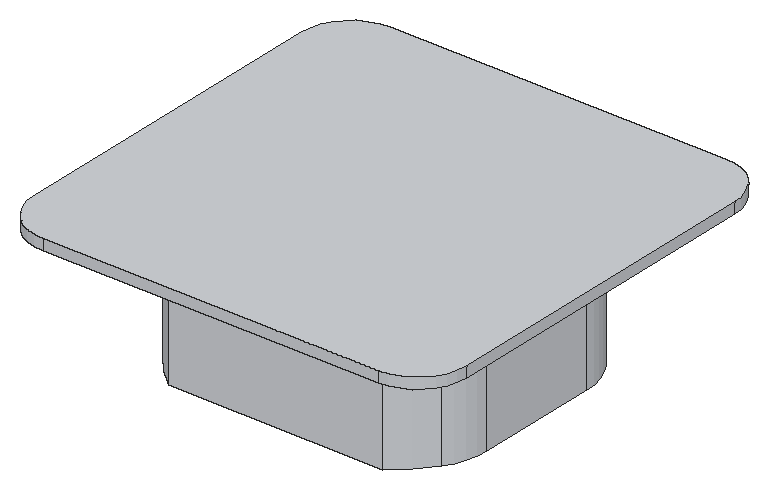
Revit family "Gira_010200", category Electrical Fixtures, host Face, Revit 2017
Family settings
  Host = Face
  Maintain Annotation Orientation = Yes
  Round Connector Dimension = Use Diameter
  Part Type = Normal
  Cut with Voids When Loaded = No
  Shared = No
  Room Calculation Point = No
Parameters (values of type "Wippschalter Aus 2-p Einsatz")
  Zusammenstellung = "Basiselement"
  Werkstoffgüte = "sonstige"
  Werkstoff = "sonstige"
  Waschmaschinenschalter = "No"
  URL = "http://katalog.gira.de/de_DE/datenblatt.html?artikelnr=010200"
  Textfeld/Beschriftungsfläche = "nein"
  Tastschalter = "No"
  Schaltungsart = "Schalter 2-polig"
  Rückmeldekontakt = "No"
  Region = "DE"
  Oberfläche = "sonstige"
  Nennspannung = "250 Volt"
  Name = "Wippschalter Aus 2-p Einsatz"
  Montageart = "unter Putz"
  Mit Montageplatte = "No"
  Manufacturer URL = "https://www.gira.de/"
  Keynote = "Einsatz_1fach"
  HeinzeBIM = "https://bimportal.heinze.de/bim/wippschalter-aus-2-p-einsatz/037ce238fd14809475147a22dc5c25758778b9b0"
  Halogenfrei = "No"
  HAN = "010200"
  Geeignet für Schutzart (IP) = "IP20"
  GTIN = "4010337102007"
  Farbe = "sonstige"
  Default Elevation = 1219.2 mm
  Data sheet (1) = "https://katalog.gira.de/de_DE/download.html?artikelnr=010200"
  Category = "Installationsschalter"
  Bemessungsstrom = "10 Ampere"
  Beleuchtungsfunktion = "Kontrolle und Orientierung"
  Beleuchtungsart = "nicht mitgeliefert"
  Beleuchtung = "optional"
  Befestigungsart = "Krallen-/Schraubbefestigung"
  Bedienungsart = "Wippe/Taste"
  Available = "Yes"
  Anzahl der Module (bei Modulbauweise) = "1 "
  Anzahl der Betätigungswippen = "1 "
  Anschlussart = "Steckklemme"
Reference planes
  plane 1 "Center (Front/Back)": y = 0
  plane 2: z = 0
  plane 3 "Center (Left/Right)": x = 0
Forms (mm)
  Extrusion 1, solid, detail levels fine
    sketch origin (0, 0, 0) x (1, 0, 0) y (0, 1, 0)
      loop
        line (27.475, 35.475) -> (-27.475, 35.475)
        arc (-27.475, 35.475) -> (-33.132, 33.132) -> (-35.475, 27.475) r 8
        line (-35.475, 27.475) -> (-35.475, -27.475)
        arc (-35.475, -27.475) -> (-33.132, -33.132) -> (-27.475, -35.475) r 8
        line (-27.475, -35.475) -> (27.475, -35.475)
        arc (27.475, -35.475) -> (33.132, -33.132) -> (35.475, -27.475) r 8
        line (35.475, -27.475) -> (35.475, 27.475)
        arc (35.475, 27.475) -> (33.132, 33.132) -> (27.475, 35.475) r 8
    from 0 to 1.8
  Extrusion 2, solid, detail levels fine
    sketch origin (0, 0, 0) x (1, 0, 0) y (0, 1, 0)
      loop
        line (9.678, 25.4) -> (-9.678, 25.4)
        arc (-9.678, 25.4) -> (-12.885, 24.922) -> (-15.814, 23.53) r 11
        arc (-15.814, 23.53) -> (-17.795, 22.07) -> (-19.641, 20.444) r 28.35
        arc (-19.641, 20.444) -> (-21.339, 18.665) -> (-22.876, 16.745) r 28.35
        arc (-22.876, 16.745) -> (-24.456, 13.666) -> (-25, 10.248) r 11
        line (-25, 10.248) -> (-25, -10.248)
        arc (-25, -10.248) -> (-24.456, -13.666) -> (-22.876, -16.745) r 11
        arc (-22.876, -16.745) -> (-20.409, -19.677) -> (-17.569, -22.25) r 28.35
        line (-17.569, -22.25) -> (17.569, -22.25)
        arc (17.569, -22.25) -> (20.409, -19.677) -> (22.876, -16.745) r 28.35
        arc (22.876, -16.745) -> (24.456, -13.666) -> (25, -10.248) r 11
        line (25, -10.248) -> (25, 10.248)
        arc (25, 10.248) -> (24.456, 13.666) -> (22.876, 16.745) r 11
        arc (22.876, 16.745) -> (21.593, 18.37) -> (20.195, 19.897) r 28.35
        arc (20.195, 19.897) -> (18.096, 21.823) -> (15.814, 23.53) r 28.35
        arc (15.814, 23.53) -> (12.885, 24.922) -> (9.678, 25.4) r 11
    from -22 to 0
  Extrusion 3, solid, detail levels medium
    sketch origin (0, 0, 0) x (1, 0, 0) y (0, 1, 0)
      loop
        line (-25, 25.4) -> (-25, -22.25) -> (25, -22.25) -> (25, 25.4) -> (-25, 25.4)
    from -22 to 0
  Extrusion 4, solid, detail levels coarse
    sketch origin (0, 0, 0) x (1, 0, 0) y (0, 1, 0)
      loop
        line (35.475, 35.475) -> (-35.475, 35.475) -> (-35.475, -35.475) -> (35.475, -35.475) -> (35.475, 35.475)
    from -22 to 1.8
  Extrusion 5, solid, detail levels medium
    sketch origin (0, 0, 0) x (1, 0, 0) y (0, 1, 0)
      loop
        line (35.475, 35.475) -> (-35.475, 35.475) -> (-35.475, -35.475) -> (35.475, -35.475) -> (35.475, 35.475)
    from 0 to 1.8
Dimensions and locks
  aligned and locked: plane 2 to host face
  aligned and locked: level to host face
  aligned and locked: plane 3 "Center (Left/Right)" to nested 1
  aligned and locked: plane 1 "Center (Front/Back)" to nested 1
Nested families
  nested 1: "RJ45-Datendose Beschriftung" at (0, 0, 0), type "RJ45-Datendose Beschriftung"
Connectors
  electrical at (0, 0, -22)
    settings: on Extrusion 4, index 1, voltage 220 V, apparent load 0 VA, apparent load phase1 0 VA, apparent load phase2 0 VA, apparent load phase3 0 VA, power factor 1, load classification "Other", number of poles 1, system type 30, power factor state 1, is connector primary yes, connector utility no, sub classification motor no, connector description ""
Definition of nested family "RJ45-Datendose Beschriftung"
  Reference planes
    plane 1: y = 0
    plane 2: x = 0
  Lines and regions (mm)
    Filled region 1, type "Gefüllter Bereich 1"
      outline origin (0, 0, 0) x (1, 0, 0) y (0, 1, 0)
        loop
          circle (0, 2.4) r 0.4
    detail lines
      curve 1: line (0, 0, 0) -> (0, 2, 0)
      curve 2: line (0, 2, 0) -> (1.2, 2, 0)
      curve 3: line (1.2, 2, 0) -> (1.2, 3.6, 0)
      curve 4: circle (0, 2.4, 0) r 0.4 normal (0, 0, 1)
      curve 5: line (0, 2, 0) -> (-1.2, 2, 0)
      curve 6: line (-1.2, 2, 0) -> (-1.2, 3.6, 0)
